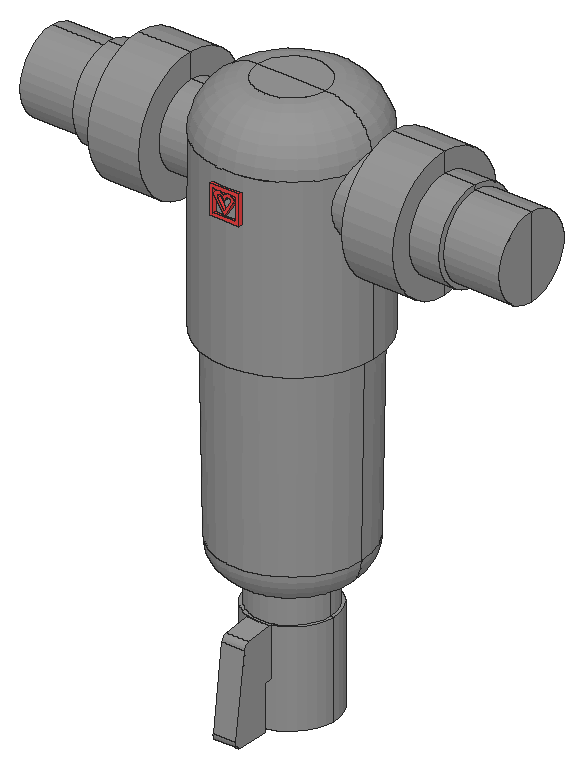
Revit family "Filter für Warmwasser 0554", category Rohrzubehör, Revit 2021
Family settings
  Bemaßung runder Anschluss = Durchmesser verwenden
  Teiletyp = Unterbricht
  OmniClass-Nummer = 23.65.55.14
  OmniClass-Titel = Valves for Liquid Services
  Arbeitsebenenbasiert = Nein
  Immer vertikal = Ja
  Beim Laden mit Abzugskörper schneiden = Nein
  Gemeinsam genutzt = Nein
Parameters
  W02 = 88.00°  # constant formula
  W01 = 89.00°  # constant formula
  Vorgabe-Ansicht = 0.000 mm
  VRS01 = 10.000 mm  # constant formula
  SC_NennweiteBerechnet = 0
  SC_Dimension = ""
  SCTWSEQ = "FI;SBT_TYP_FI=\"FI\";2"
  SCTWCODE = "02;00;02"  # constant formula
  S01 [instance] = (L02 + VRL01 + VRL02) - (L01 / 2)  # 30.500 mm
  Model = "Filter für Heißwasser mit Gehäuse aus Messing und Tasse aus Trogamid."
  Medium = "Trinkwasser"  # constant formula
  Max. Betriebstemperatur = 60 °C  # constant formula
  Max. Betriebsdruck = 1600000.0 Pa  # constant formula
  Tasse = "Kunststoff, Trogamid"  # constant formula
  Hinweis = "Gemäß Art 33 der REACH-Verordnung (EG Nr. 1907/2006) sind wir verpflichtet, darauf hinzuweisen, dass der Stoff Blei auf der SVHC-Liste geführt wird und dass alle aus Messing bestehenden Bauteile, die in unseren Erzeugnissen verarbeitet sind, mehr als 0,1 % (w/w) Blei (CAS: 7439-92-1 / EINECS: 231-100-4) enthalten.\r\nDa Blei als Legierungsbestandteil fest gebunden ist, sind keine Expositionen zu erwarten und daher sind keine zusätzlichen Angaben zur sicheren Verwendung notwendig."
  Gehäuse = "Messing, CW617N"  # constant formula
  GT [instance] = size_lookup("0554_", "GT", 1.000 mm, Nennweite)  # 17.500 mm
  VRL02 [instance] = size_lookup("0554_", "VRL2", 1.000 mm, Nennweite)  # 27.000 mm
  VRL01 [instance] = size_lookup("0554_", "VRL1", 1.000 mm, Nennweite)  # 16.000 mm
  VRD02 [instance] = size_lookup("0554_", "VRD2", 1.000 mm, Nennweite)  # 14.000 mm
  VRD01 [instance] = size_lookup("0554_", "VRD1", 1.000 mm, Nennweite)  # 20.000 mm
  URL = "www.herz-armaturen.at"
  T01 = 1.000 mm  # constant formula
  R02 = 8.000 mm  # constant formula
  R01 = 12.500 mm  # constant formula
  Nennweite [instance] = 25.000 mm
  Filter = "Edelstahl, Maschenweite 100 μm"  # constant formula
  D02 = 22.750 mm  # constant formula
  L02 [instance] = size_lookup("0554_", "L2", 1.000 mm, Nennweite)  # 31.500 mm
  L01 [instance] = size_lookup("0554_", "L1", 1.000 mm, Nennweite)  # 88.000 mm
  Hersteller = "HERZ Armaturen Ges.m.b.H."  # constant formula
  H04 = 151.000 mm  # constant formula
  H03 = 67.500 mm  # constant formula
  H02 = 45.500 mm  # constant formula
  H01 = 24.000 mm  # constant formula
  Bestellnummer [instance] = if(Nennweite = 15.000 mm, "I055401", if(Nennweite = 20.000 mm, "I055402", if(Nennweite = 25.000 mm, "I055403", "0")))  # "I055403"
  Ausführung = "Der HERZ-Wasserfilter wird in Hauseingangsanlagen für Trinkwasser eingesetzt, um das Trinkwasser vor Verunreinigungen zu schützen."
  AG [instance] = Nennweite / 2  # 12.500 mm
  D01 = 25.500 mm  # constant formula
Reference planes
  plane 1 "Mitte (Vorne/hinten)": y = 0
  plane 2: z = 0
  plane 3 "Mitte (Links/rechts)": x = 0
Forms (mm)
  Revolve 1, solid, material "Messing, weicher Gelbton, geschweißt", detail levels fine
    sketch origin (0, 0, 0) x (1, 0, 0) y (0, 0, 1)
      loop
        line (-44, 0) -> (44, 0) -> (44, 12.5) -> (-44, 12.5) -> (-44, 0)
      axis (-44, 0) -> (44, 0)
    angle from 0 to 360
  Revolve 2, solid, material "Messing, weicher Gelbton, geschweißt", detail levels fine
    sketch origin (0, 0, 0) x (1, 0, 0) y (0, 0, 1)
      loop
        line (-31.5, 0) -> (-31.5, 20) -> (-47.5, 20) -> (-47.5, 14) -> (-57, 14) -> (-57, 12.5) -> (-74.5, 12.5) -> (-74.5, 0) -> (-31.5, 0)
      axis (-74.5, 0) -> (-31.5, 0)
    angle from 0 to 360
  Revolve 3, solid, material "Messing, weicher Gelbton, geschweißt", detail levels fine
    sketch origin (0, 0, 0) x (-1, 0, 0) y (0, 0, 1)
      loop
        line (-31.5, 0) -> (-31.5, 20) -> (-47.5, 20) -> (-47.5, 14) -> (-57, 14) -> (-57, 12.5) -> (-74.5, 12.5) -> (-74.5, 0) -> (-31.5, 0)
      axis (-74.5, 0) -> (-31.5, 0)
    angle from 0 to 360
  Revolve 4, solid, material "Messing, weicher Gelbton, geschweißt", detail levels fine
    sketch origin (0, 0, 0) x (1, 0, 0) y (0, 0, 1)
      loop
        line (0, -45.5) -> (0, 24) -> (-10.5, 24)
        arc (-10.5, 24) -> (-21.107, 19.607) -> (-25.5, 9) r 15
        line (-25.5, 9) -> (-25.5, -45.5) -> (0, -45.5)
      axis (0, 24) -> (0, -45.5)
    angle from 0 to 360
  Revolve 5, solid, material "ABS-Kunststoff", detail levels fine
    sketch origin (0, 0, 0) x (1, 0, 0) y (0, 0, 1)
      loop
        line (0, -45.5) -> (-22.75, -45.5) -> (-21.744, -103.156)
        arc (-21.744, -103.156) -> (-19.193, -109.695) -> (-13, -113) r 10.114
        line (-13, -113) -> (0, -113) -> (0, -45.5)
      axis (0, -45.5) -> (0, -113)
    angle from 0 to 360
  Revolve 6, solid, material "Aluminium 3003-H16", detail levels fine
    sketch origin (0, 0, 0) x (1, 0, 0) y (0, 0, 1)
      loop
        line (-13.007, -151) -> (0, -151) -> (0, -113) -> (-12.007, -113) -> (-12.007, -122) -> (-13.007, -122) -> (-13.007, -151)
      axis (0, -113) -> (0, -151)
    angle from 0 to 360
  Extrusion 7, solid, material "Acetalharz, Schwarz", detail levels fine
    sketch origin (0, 0, 0) x (0, 1, 0) y (0, 0, 1)
      loop
        line (-15.045, -151) -> (-15.045, -137.8)
        arc (-15.045, -137.8) -> (-14.81, -137.234) -> (-14.245, -137) r 0.8
        line (-14.245, -137) -> (0, -137) -> (0, -122) -> (-12.995, -122) -> (-20.95, -122.837)
        arc (-20.95, -122.837) -> (-22.128, -123.386) -> (-22.72, -124.543) r 2
        line (-22.72, -124.543) -> (-26.174, -148.717)
        arc (-26.174, -148.717) -> (-25.705, -150.31) -> (-24.194, -151) r 2
        line (-24.194, -151) -> (-15.045, -151)
    from 3.5 to -3.5
Lines and regions (mm)
  model lines, detail levels coarse+medium
    curve 1: line (-44, 0, 24) -> (-44, 0, -24)
    curve 2: line (-44, 0, -24) -> (44, 0, -24)
    curve 3: line (44, 0, -24) -> (44, 0, 24)
    curve 4: line (44, 0, 24) -> (-44, 0, 24)
    curve 5: line (44, 0, 24) -> (12.5, 0, 0)
    curve 6: line (12.5, 0, 0) -> (44, 0, -24)
    curve 7: line (44, 0, 24) -> (54, 0, 24)
    curve 8: line (54, 0, 24) -> (44, 0, 0)
    curve 9: line (44, 0, -24) -> (54, 0, -24)
    curve 10: line (54, 0, -24) -> (44, 0, 0)
    curve 11: line (44, 0, 0) -> (74.5, 0, 0)
    curve 12: line (-44, 0, 24) -> (-54, 0, 24)
    curve 13: line (-54, 0, 24) -> (-44, 0, 0)
    curve 14: line (-44, 0, -24) -> (-54, 0, -24)
    curve 15: line (-54, 0, -24) -> (-44, 0, 0)
    curve 16: line (-44, 0, 0) -> (-74.5, 0, 0)
    curve 17: line (-44, -24, 0) -> (44, -24, 0)
    curve 18: line (-44, 24, 0) -> (-44, -24, 0)
    curve 19: line (44, 24, 0) -> (-44, 24, 0)
    curve 20: line (44, -24, 0) -> (44, 24, 0)
    curve 21: line (44, 24, 0) -> (8.232, 0, 0)
    curve 22: line (8.232, 0, 0) -> (44, -24, 0)
    curve 23: line (44, 24, 0) -> (54, 24, 0)
    curve 24: line (54, 24, 0) -> (44, 0, 0)
    curve 25: line (44, -24, 0) -> (54, -24, 0)
    curve 26: line (54, -24, 0) -> (44, 0, 0)
    curve 27: line (-44, 24, 0) -> (-54, 24, 0)
    curve 28: line (-54, 24, 0) -> (-44, 0, 0)
    curve 29: line (-44, -24, 0) -> (-54, -24, 0)
    curve 30: line (-54, -24, 0) -> (-44, 0, 0)
Dimensions and locks
  "L01": Revolve 1 sketch curve to Revolve 1 sketch curve
  equal spacing: Revolve 1 sketch curve, plane 3 "Mitte (Links/rechts)", Revolve 1 sketch curve
  "R01": Revolve 1 sketch curve to plane 2
  "L02": plane 3 "Mitte (Links/rechts)" to Revolve 2 sketch curve
  "VRL01": Revolve 2 sketch curve to Revolve 2 sketch curve
  "VRL02": Revolve 2 sketch curve to Revolve 2 sketch curve
  "GT": Revolve 2 sketch curve to Revolve 2 sketch curve
  "VRD01": Revolve 2 sketch curve to Revolve 2 sketch curve
  "VRD02": Revolve 2 sketch curve to Revolve 2 sketch curve
  "AG": Revolve 2 sketch curve to Revolve 2 sketch curve
  "VRL01": Revolve 3 sketch curve to Revolve 3 sketch curve
  "VRL02": Revolve 3 sketch curve to Revolve 3 sketch curve
  "GT": Revolve 3 sketch curve to Revolve 3 sketch curve
  "VRD01": Revolve 3 sketch curve to Revolve 3 sketch curve
  "VRD02": Revolve 3 sketch curve to Revolve 3 sketch curve
  "AG": Revolve 3 sketch curve to Revolve 3 sketch curve
  "L02": Revolve 3 sketch curve to plane 3 "Mitte (Links/rechts)"
  "H01": Revolve 4 sketch curve to plane 2
  "D01": Revolve 4 sketch curve to Revolve 4 sketch curve
  "H02": plane 2 to Revolve 4 sketch curve
  "D02": Revolve 5 sketch curve to Revolve 5 sketch curve
  "H02": plane 2 to Revolve 5 sketch curve
  "H03": Revolve 5 sketch curve to Revolve 5 sketch curve
  "H04": plane 2 to Revolve 6 sketch curve
  "D01": nested 1 to plane 1 "Mitte (Vorne/hinten)"
  equal spacing: curve 1, plane 3 "Mitte (Links/rechts)", curve 3
  "H01": curve 4 to level to curve 2
  "L01": curve 1 to curve 3
  "L02": curve 3 to curve 6
  "VRS01": curve 8 to curve 3
  "VRS01": curve 10 to curve 3
  "S01": curve 11 to curve 3
  "VRS01": curve 13 to curve 1
  "VRS01": curve 15 to curve 1
  "S01": curve 16 to Revolve 1
  "L01": curve 18 to curve 20
  equal spacing: curve 18, plane 3 "Mitte (Links/rechts)", curve 20
  "H01": curve 19 to plane 1 "Mitte (Vorne/hinten)" to curve 17
  "VRS01": curve 20 to curve 24
  "VRS01": curve 20 to curve 26
  "VRS01": curve 28 to curve 18
  "VRS01": curve 30 to curve 18
  "W01": angle Revolve 5 sketch curve to Revolve 4
  aligned and locked: level to plane 2
Automatic sketch dimensions
  Extrusion 7 sketch curve to plane 1 "Mitte (Vorne/hinten)" = 0.000 mm
  plane 1 "Mitte (Vorne/hinten)" to Extrusion 7 sketch curve = 12.995 mm
  plane 1 "Mitte (Vorne/hinten)" to Extrusion 7 sketch curve = 14.245 mm
  Extrusion 7 sketch curve to Extrusion 7 sketch curve = 0.800 mm
  Extrusion 7 sketch curve to Extrusion 7 sketch curve = 7.746 mm
  Extrusion 7 sketch curve to Extrusion 7 sketch curve = 0.209 mm
  Extrusion 7 sketch curve to Extrusion 7 sketch curve = 1.980 mm  (x2)
  Extrusion 7 sketch curve to Extrusion 7 sketch curve = 9.149 mm
  Extrusion 7 sketch curve to level = 151.000 mm
  Extrusion 7 sketch curve to Extrusion 7 sketch curve = 2.000 mm
  Extrusion 7 sketch curve to Extrusion 7 sketch curve = 13.200 mm
  Extrusion 7 sketch curve to Extrusion 7 sketch curve = 12.174 mm
  Extrusion 7 sketch curve to Extrusion 7 sketch curve = 0.283 mm
  Extrusion 7 sketch curve to Extrusion 7 sketch curve = 15.000 mm
  curve 15 to level = 0.000 mm
  curve 11 to level = 0.000 mm
  curve 8 to level = 0.000 mm
  curve 5 to level = 0.000 mm
  plane 1 "Mitte (Vorne/hinten)" to curve 22 = 0.000 mm
  plane 1 "Mitte (Vorne/hinten)" to curve 28 = 0.000 mm
  plane 1 "Mitte (Vorne/hinten)" to curve 24 = 0.000 mm
  plane 1 "Mitte (Vorne/hinten)" to curve 26 = 0.000 mm
  plane 3 "Mitte (Links/rechts)" to curve 22 = 8.232 mm
  Revolve 1 sketch curve to level = 0.000 mm  (x2)
  Revolve 1 sketch curve to Revolve 1 sketch curve = 1474.830 mm
  Revolve 1 sketch curve to Revolve 1 sketch curve = 1807.448 mm
  Revolve 2 sketch curve to level = 0.000 mm  (x2)
  Revolve 2 sketch curve to Revolve 2 sketch curve = 1440.530 mm
  plane 3 "Mitte (Links/rechts)" to Revolve 2 sketch curve = 1839.148 mm
  Revolve 3 sketch curve to level = 0.000 mm  (x2)
  Revolve 3 sketch curve to Revolve 3 sketch curve = 1440.530 mm
  plane 3 "Mitte (Links/rechts)" to Revolve 3 sketch curve = 1839.148 mm
  Revolve 4 sketch curve to plane 3 "Mitte (Links/rechts)" = 0.000 mm  (x2)
  level to Revolve 4 sketch curve = 9.000 mm
  Revolve 4 sketch curve to Revolve 4 sketch curve = 320.545 mm
  Revolve 4 sketch curve to Revolve 4 sketch curve = 2190.315 mm
  Revolve 5 sketch curve to plane 3 "Mitte (Links/rechts)" = 0.000 mm  (x2)
  Revolve 5 sketch curve to plane 3 "Mitte (Links/rechts)" = 21.744 mm
  Revolve 5 sketch curve to Revolve 5 sketch curve = 13.000 mm
  Revolve 5 sketch curve to Revolve 5 sketch curve = 10.112 mm
  Revolve 5 sketch curve to Revolve 5 sketch curve = 255.045 mm
  level to Revolve 5 sketch curve = 2214.315 mm
  Revolve 6 sketch curve to plane 3 "Mitte (Links/rechts)" = 0.000 mm  (x2)
  Revolve 6 sketch curve to plane 3 "Mitte (Links/rechts)" = 12.007 mm
  Revolve 6 sketch curve to plane 3 "Mitte (Links/rechts)" = 13.007 mm
  Revolve 6 sketch curve to Revolve 6 sketch curve = 29.000 mm
  Revolve 6 sketch curve to Revolve 6 sketch curve = 9.000 mm
  Revolve 6 sketch curve to Revolve 6 sketch curve = 192.045 mm
  level to Revolve 6 sketch curve = 2214.315 mm
Nested families
  nested 1: "Herz-Logo-vorne" at (0, -25.5, 0) x (0, 1, 0) z (0, 0, 1), type "Herz-Logo-vorne", detail levels fine
Connectors
  piping at (-74.5, 0, 0), diameter 25, driven by "Nennweite"
    settings: on Revolve 2, index 1, connector inside diameter 609.6 mm, connector length 0.000 mm, flow factor 0, pipe flow 0.0 L/s, pressure drop 0.0 Pa, fitting loss kfactor 0, connector angle 0.00°, fixture units 0, engagement length 0.000 mm, angle of deflection 0.00°, flow configuration 0, flow direction 1, fitting loss method 0, system type 19, joint type 0, gender type 0, connector reference index -1, connector utility 0, adjustable connector no, is connector primary yes, connector description ""
  piping at (74.5, 0, 0), diameter 25, driven by "Nennweite"
    settings: on Revolve 3, index 2, connector inside diameter 609.6 mm, connector length 0.000 mm, flow factor 0, pipe flow 0.0 L/s, pressure drop 0.0 Pa, fitting loss kfactor 0, connector angle 0.00°, fixture units 0, engagement length 0.000 mm, angle of deflection 0.00°, flow configuration 0, flow direction 2, fitting loss method 0, system type 19, joint type 0, gender type 0, connector reference index -1, connector utility 0, adjustable connector no, is connector primary no, connector description ""
Definition of nested family "Herz-Logo-vorne"
  Parameters (values of type "Herz-Logo-vorne")
    Default Elevation = 0.000 mm
  Reference planes
    plane 1 "Mitte (Vorne/hinten)": y = 0
    plane 2: z = 0
    plane 3 "Mitte (Links/rechts)": x = 0
  Forms (mm)
    Extrusion 1, solid
      sketch origin (0.732, -0.018, 0.017) x (0, -1, 0) y (0, 0, 1)
        loop
          line (-0.018, -4.517) -> (4.482, -4.517) -> (4.482, 4.483) -> (-4.518, 4.483) -> (-4.518, -4.517) -> (-0.018, -4.517)
        loop
          line (-0.05, -3.48) -> (3.482, -3.48) -> (3.482, 3.483) -> (-3.518, 3.483) -> (-3.518, -3.48) -> (-0.05, -3.48)
        loop
          arc (-0.018, 2.383) -> (-1.543, 3.287) -> (-3.067, 2.383) r 1.738
          arc (-3.067, 2.383) -> (-3.191, 1.899) -> (-3.067, 1.415) r 1.009
          line (-3.067, 1.415) -> (-0.018, -3.281) -> (3.032, 1.415)
          arc (3.032, 1.415) -> (3.156, 1.899) -> (3.032, 2.383) r 1.009
          arc (3.032, 2.383) -> (1.507, 3.287) -> (-0.018, 2.383) r 1.738
        loop
          arc (1.885, 1.272) -> (2.005, 1.675) -> (1.885, 2.079) r 0.74
          arc (1.885, 2.079) -> (1.265, 2.416) -> (0.644, 2.079) r 0.74
          line (0.644, 2.079) -> (-0.018, 0.97) -> (-0.679, 2.079)
          arc (-0.679, 2.079) -> (-1.3, 2.416) -> (-1.921, 2.079) r 0.74
          arc (-1.921, 2.079) -> (-2.04, 1.675) -> (-1.921, 1.272) r 0.74
          line (-1.921, 1.272) -> (-0.018, -1.658) -> (1.885, 1.272)
      from 0 to 1.5
  Dimensions and locks
    aligned and locked: level to plane 2
